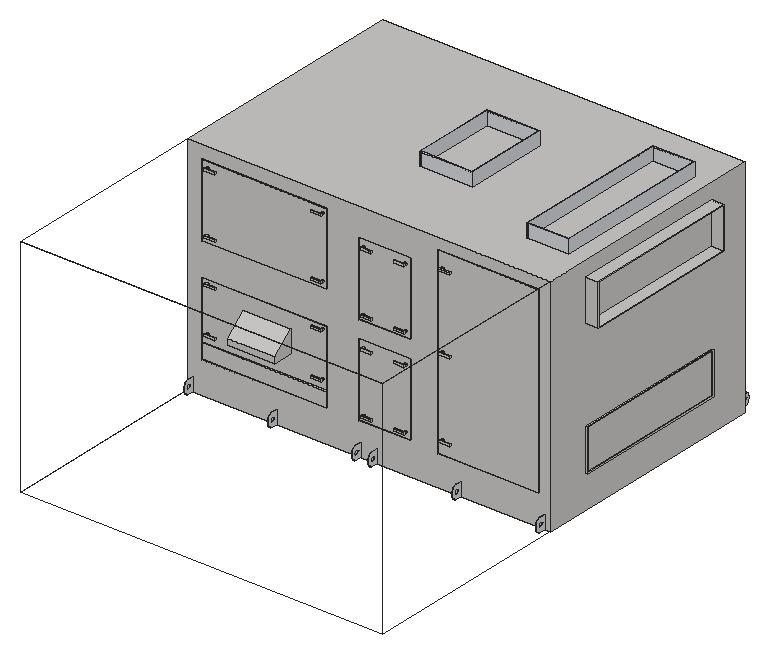
Revit family "DN-5XIN-EH-2FP", category Mechanical Equipment, Revit 2019
Family settings
  Round Connector Dimension = Use Diameter
  Part Type = Normal
  Work Plane-Based = No
  Always vertical = Yes
  Cut with Voids When Loaded = No
  Shared = No
  Room Calculation Point = No
Parameters (values of type "4@2.70 kW 200-240V")
  Voltage = "200-240V"
  Unit Weight (lbs) = "3700-4350 lbs."
  Unit Dimension (L x W x H) = "144-1/4\" x 105-5/8\" x 90-7/8\""
  Unit = Renewaire - Galvanized Steel
  URL = "www.renewaire.com"
  Typical Airflow Range = "1,125-4,950 CFM"
  Standard Features = "EC Motors for both airstreams, Direct drive backward inclined plenum, Higher ESP of up to 3\" w.g. at 4,500 CFM, Integrated programmable controls, True 100% face and bypass enthalpy based modulating economizer, Class 1 low leakage motorized isolation dampers, Stainless steel double-sloped drain pan with cooling option, 1\" Double wall foam injected 20 gauge galvanized panel construction with R6.5 insulation"
  Shipping Dimensions (L x W x H) = "160\" x 101-1/2\" x 96\""
  Service Area Visibility = yes
  Service Area Box = Renewaire - Interference
  Revit Object Download Link = ""
  Phase = "3"
  Options = "Heat pump, Modulating hot gas reheat, Steam or hot water coil, gas heat module or electric heater, Onboard variable frequency drives (VFDs) - both airstreams, Fused disconnect, Spring isolators (VFDs only), 2\" Double wall foam injected 20 gauge galvanized panel construction with R13 insulation, Exterior paint - grey, white, custom color, BACNET factory activation, GFCI convenience outlet, Recirculation damper, Drain overflow switch, Electrofin coating for coils"
  Number Motors = "Qty. 4, Direct drive motorized impeller packages"
  Model = "DN-5XIN-2FP-EH"
  Minimum Circuit Amps = "36.6 A"
  Maximum Overcurrent Protection = "45 A"
  Max. Shipping Weight (lbs) = "3950-4600 lbs."
  Manufacturer = "Renewaire LLC"
  Inlets/Outlets [instance] = "OA & RA Inlets: 60\" x 16\", SA Outlet: 24\" x 16\", EA Outlet: 20\" x 32\""
  Frequency = "50/60 Hz"
  Filters [instance] = "Total qty. 10, MERV 8: 16\" x 20\" x 2\""
  FLA per Motor = "8.6-7.2"
  Energy Recovery Type = "Static plate total energy transfer"
  Description = "Energy Recovery Ventilator"
  Bypass Filters [instance] = "Total qty. 4, MERV 8: 16\" x 20\" x 2\""
  Accessories = "Filters - MERV 13, 2\"  and 4\" (shipped loose), MERV 14, 2\" and 4\" (shipped loose), Additional filters available upon request, Duct mounted electric pre-heater (separately powered), Carbon dioxide sensor/control - wall mount (CO2-W), duct mount (CO2-D), IAQ sensor - wall mount (IAQ-W), duct mount (IAQ-D), Motion occupancy sensor/control - ceiling mount (MC-C), wall mount (MC-W), Smoke detector, Room temperature and humidity sensor, Duct static pressure sensor with display to 10\", without display 0-2\", Room pressure sensor with display to 1\", without display 0-1\", Waterless trap negative pressure, Waterless trap positive pressure, Remote display"
  AHRI 1060 Certified Core = "One L-62-G5 and four L-125-G5"
Types (6): name | Voltage | Minimum Circuit Amps | Maximum Overcurrent Protection | FLA per Motor
  (no name) | "200-240V" | "36.6 A" | "45 A" | "8.6-7.2"
  4@2.70 kW 200-240V | "200-240V" | "36.6 A" | "45 A" | "8.6-7.2"
  4@3.70 kW 380-480V | "380-480 V" | "25.5 A" | "30 A" | "6.0-4.6"
  4@5HP 208-230V | "208-230 V" | "59.1 A" | "70 A" | "13.9-13.4/6.7"
  4@5HP 460V | "460 V" | "28.5 A" | "35 A" | "6.7"
  4@5HP 575V | "575 V" | "22.5 A" | "25 A" | "5.3"
Reference planes (in)
  plane 1 "Center (Front/Back)": y = 0
  plane 2: z = 0
  plane 3 "Center (Left/Right)": x = 0
  plane 4: x = -138.25
Forms (in)
  Extrusion 1, solid, material "Renewaire - Galvanized Steel" <- "Unit"
    sketch origin (0, 0, 0) x (1, 0, 0) y (0, 1, 0)
      loop
        line (-138.25, 46.5) -> (-138.25, -46.38324) -> (0, -46.38324) -> (0, 46.5) -> (-138.25, 46.5)
    from 0 to 85.625
  Extrusion 2, void
    sketch origin (0, 0, 0) x (1, 0, 0) y (0, 0, 1)
      loop
        line (-133.10469, 81.00836) -> (-133.10469, 52.75836) -> (-84.88335, 52.75836) -> (-84.88335, 81.00836) -> (-133.10469, 81.00836)
      loop
        line (-73.14754, 75.07399) -> (-73.14754, 46.824) -> (-53.14754, 46.824) -> (-53.14754, 75.07399) -> (-73.14754, 75.07399)
      loop
        line (-43.1125, 81.57398) -> (-43.1125, 11.57398) -> (-4.11251, 11.57398) -> (-4.11251, 81.57398) -> (-43.1125, 81.57398)
      loop
        line (-73.14754, 40.57399) -> (-73.14754, 12.32399) -> (-53.14754, 12.32399) -> (-53.14754, 40.57399) -> (-73.14754, 40.57399)
      loop
        line (-84.88335, 40.46154) -> (-133.10469, 40.46154) -> (-133.10469, 12.21154) -> (-84.88335, 12.21154) -> (-84.88335, 40.46154)
    from 45.5 to 47.07986
  Extrusion 3, void
    sketch origin (0, 0, 0) x (1, 0, 0) y (0, 1, 0)
      loop
        line (-136.25, 44.61676) -> (-136.25, -44.38324) -> (-2, -44.38324) -> (-2, 44.61676) -> (-136.25, 44.61676)
    from -3 to 5.699
  Extrusion 4, void
    sketch origin (0, 0, 0) x (1, 0, 0) y (0, 1, 0)
      loop
        line (-132.17015, 12.11675) -> (-132.17015, -11.88325) -> (-116.17015, -11.88325) -> (-116.17015, 12.11675) -> (-132.17015, 12.11675)
      loop
        line (-22.1125, 30.11677) -> (-22.1125, -29.88323) -> (-6.1125, -29.88323) -> (-6.1125, 30.11677) -> (-22.1125, 30.11677)
    from 4.75 to 6.699
  Extrusion 5, solid, material "Renewaire - Galvanized Steel" <- "Unit"
    sketch origin (0, 0, 1) x (0, 1, 0) y (0, 0, 1)
      loop
        line (12.11677, 31.05846) -> (-11.88323, 31.05846) -> (-11.88323, 15.05845) -> (12.11677, 15.05845) -> (12.11677, 31.05846)
      loop
        line (11.99177, 30.93346) -> (-11.75823, 30.93346) -> (-11.75823, 15.18345) -> (11.99177, 15.18345) -> (11.99177, 30.93346)
    from -139.25 to -138.25
  Extrusion 6, solid, material "Renewaire - Galvanized Steel" <- "Unit"
    sketch origin (0, 0, 1) x (0, 1, 0) y (0, 0, 1)
      loop
        line (-29.87714, 28.04274) -> (-29.87714, 12.04274) -> (30.12286, 12.04274) -> (30.12286, 28.04274) -> (-29.87714, 28.04274)
      loop
        line (-29.75214, 27.91774) -> (-29.75214, 12.16774) -> (29.99786, 12.16774) -> (29.99786, 27.91774) -> (-29.75214, 27.91774)
    from 0 to 1
  Extrusion 7, solid, material "Renewaire - Galvanized Steel" <- "Unit"
    sketch origin (0, 0, 1.51247) x (0, 1, 0) y (0, 0, 1)
      loop
        line (-29.88324, 78.57708) -> (-29.88324, 62.57708) -> (30.11676, 62.57708) -> (30.11676, 78.57708) -> (-29.88324, 78.57708)
      loop
        line (-29.75824, 78.45208) -> (-29.75824, 62.70208) -> (29.99176, 62.70208) -> (29.99176, 78.45208) -> (-29.75824, 78.45208)
    from 0 to 5
  Extrusion 8, solid, material "Renewaire - Galvanized Steel" <- "Unit"
    sketch origin (0, 0, 1) x (1, 0, 0) y (0, 0, 1)
      loop
        line (-54.12572, 77.83887) -> (-72.14754, 77.83887) -> (-72.14754, 47.80251) -> (-54.12572, 47.80251) -> (-54.12572, 77.83887)
      loop
        line (-54.25072, 77.71387) -> (-72.02254, 77.71387) -> (-72.02254, 47.92751) -> (-54.25072, 47.92751) -> (-54.25072, 77.71387)
    from -51.5 to -46.5
  Extrusion 9, solid, material "Renewaire - Galvanized Steel" <- "Unit"
    sketch origin (0, 0, 0) x (1, 0, 0) y (0, 0, 1)
      loop
        line (-132.75468, 80.60524) -> (-132.75468, 53.00524) -> (-85.20866, 53.00524) -> (-85.20866, 80.60524) -> (-132.75468, 80.60524)
      loop
        line (-132.75468, 40.10344) -> (-132.75468, 18.50344) -> (-85.20866, 18.50344) -> (-85.20866, 40.10344) -> (-132.75468, 40.10344)
      loop
        line (-132.75468, 18.05094) -> (-132.75468, 12.45094) -> (-85.20866, 12.45094) -> (-85.20866, 18.05094) -> (-132.75468, 18.05094)
      loop
        line (-72.89753, 74.82401) -> (-72.89753, 47.22401) -> (-53.29756, 47.22401) -> (-53.29756, 74.82401) -> (-72.89753, 74.82401)
      loop
        line (-72.89754, 40.32401) -> (-72.89754, 12.634) -> (-53.29754, 12.634) -> (-53.29754, 40.32401) -> (-72.89754, 40.32401)
      loop
        line (-42.8625, 11.82398) -> (-4.36251, 11.82398) -> (-4.36251, 81.32398) -> (-42.8625, 81.32398) -> (-42.8625, 11.82398)
    from 45.5 to 46.38324
  Extrusion 10, solid, material "Renewaire - Interference" <- "Service Area Box", visible <- "Service Area Visibility"
    sketch origin (0, 0, 0) x (1, 0, 0) y (0, 1, 0)
      loop
        line (-138.25, -46.38324) -> (-138.25, -126.38324) -> (0, -126.38324) -> (0, -46.38324) -> (-138.25, -46.38324)
    from 0 to 85.625
  Extrusion 11, solid
    sketch origin (-1, 0, 0) x (1, 0, 0) y (0, 1, 0)
      loop
        line (-73.14753, 16.11676) -> (-73.14753, -15.88324) -> (-53.14754, -15.88324) -> (-53.14754, 16.11676) -> (-73.14753, 16.11676)
      loop
        line (-21.11249, 30.11679) -> (-21.11249, -29.88322) -> (-5.11252, -29.88322) -> (-5.11252, 30.11679) -> (-21.11249, 30.11679)
      loop
        line (-5.36252, 29.86679) -> (-20.86249, 29.86679) -> (-20.86249, -29.63322) -> (-5.36252, -29.63322) -> (-5.36252, 29.86679)
      loop
        line (-53.39754, 15.86676) -> (-72.89753, 15.86676) -> (-72.89753, -15.63324) -> (-53.39754, -15.63324) -> (-53.39754, 15.86676)
    from 85.625 to 90.625
  Extrusion 12, solid, material "Renewaire - Galvanized Steel" <- "Unit"
    sketch origin (0, 0, 0) x (0, 1, 0) y (0, 0, 1)
      loop
        circle (-18.32013, 27.20513) r 2.5
      loop
        circle (-18.32013, 27.20513) r 2.25
    from -139.25 to -138.25
  Extrusion 13, solid, material "Renewaire - Galvanized Steel" <- "Unit"
    sketch origin (0, 0, 0) x (0, 1, 0) y (0, 0, 1)
      loop
        line (-46.38324, 34.65488) -> (-54.18346, 28.48487) -> (-54.18346, 26.14738) -> (-46.38324, 26.14738) -> (-46.38324, 34.65488)
    from -99 to -117
Cuts and joins
  Extrusion 2, Extrusion 3, Extrusion 4 cuts Extrusion 1
Dimensions and locks (in)
  aligned and locked: plane 2 to level
Nested families (in)
  nested 1: "Handle" at (-41.11251, -46.38324, 17), type "Handle"
    with Right Handle yes, Left Handle no, Flip no
  nested 2: "Handle" at (-41.11251, -46.38324, 75.67027), type "Handle"
    with Right Handle yes, Left Handle no, Flip no
  nested 3: "Handle" at (-41.11251, -46.38324, 47), type "Handle"
    with Right Handle yes, Left Handle no, Flip no
  nested 4: "Handle" at (-71.07253, -46.38324, 72.37401), type "Handle"
    with Right Handle yes, Left Handle no, Flip no
  nested 5: "Handle" at (-71.07253, -46.38324, 49.274), type "Handle"
    with Right Handle yes, Left Handle no, Flip no
  nested 6: "Handle" at (-55.22256, -46.38324, 72.37401), type "Handle"
    with Right Handle no, Left Handle yes, Flip yes
  nested 7: "Handle" at (-55.22256, -46.38324, 49.274), type "Handle"
    with Right Handle no, Left Handle yes, Flip yes
  nested 8: "Handle" at (-71.07253, -46.38324, 37.87401), type "Handle"
    with Right Handle yes, Left Handle no, Flip no
  nested 9: "Handle" at (-71.07253, -46.38324, 14.77401), type "Handle"
    with Right Handle yes, Left Handle no, Flip no
  nested 10: "Handle" at (-55.22256, -46.38324, 37.87401), type "Handle"
    with Right Handle no, Left Handle yes, Flip yes
  nested 11: "Handle" at (-55.22256, -46.38324, 14.77401), type "Handle"
    with Right Handle no, Left Handle yes, Flip yes
  nested 12: "Handle" at (-130.72967, -46.38324, 78.40525), type "Handle"
    with Right Handle yes, Left Handle no, Flip no
  nested 13: "Handle" at (-130.72967, -46.38324, 55.30524), type "Handle"
    with Right Handle yes, Left Handle no, Flip no
  nested 14: "Handle" at (-86.90833, -46.38324, 78.40525), type "Handle"
    with Right Handle no, Left Handle yes, Flip yes
  nested 15: "Handle" at (-86.90833, -46.38324, 55.30524), type "Handle"
    with Right Handle no, Left Handle yes, Flip yes
  nested 16: "Handle" at (-130.72967, -46.38324, 38.87401), type "Handle"
    with Right Handle yes, Left Handle no, Flip no
  nested 17: "Handle" at (-130.72967, -46.38324, 21.75344), type "Handle"
    with Right Handle yes, Left Handle no, Flip no
  nested 18: "Handle" at (-86.90833, -46.38324, 38.87401), type "Handle"
    with Right Handle no, Left Handle yes, Flip yes
  nested 19: "Handle" at (-86.90833, -46.38324, 21.75344), type "Handle"
    with Right Handle no, Left Handle yes, Flip yes
  nested 20: "Lifting Lug" at (-136.25, 46.5, 0) x (0, 1, 0) z (0, 0, 1), Material <- "Unit", type "Lifting Lug"
    with Material Renewaire - Galvanized Steel
  nested 21: "Lifting Lug" at (-103, 46.5, 0) x (0, 1, 0) z (0, 0, 1), Material <- "Unit", type "Lifting Lug"
    with Material Renewaire - Galvanized Steel
  nested 22: "Lifting Lug" at (-72.25, 46.5, 0) x (0, 1, 0) z (0, 0, 1), Material <- "Unit", type "Lifting Lug"
    with Material Renewaire - Galvanized Steel
  nested 23: "Lifting Lug" at (-2, 46.5, 0) x (0, 1, 0) z (0, 0, 1), Material <- "Unit", type "Lifting Lug"
    with Material Renewaire - Galvanized Steel
  nested 24: "Lifting Lug" at (-35.25, 46.5, 0) x (0, 1, 0) z (0, 0, 1), Material <- "Unit", type "Lifting Lug"
    with Material Renewaire - Galvanized Steel
  nested 25: "Lifting Lug" at (-66, 46.5, 0) x (0, 1, 0) z (0, 0, 1), Material <- "Unit", type "Lifting Lug"
    with Material Renewaire - Galvanized Steel
  nested 26: "Lifting Lug" at (-136.25, -46.5, 0) x (0, -1, 0) z (0, 0, 1), Material <- "Unit", type "Lifting Lug"
    with Material Renewaire - Galvanized Steel
  nested 27: "Lifting Lug" at (-104.25, -46.5, 0) x (0, -1, 0) z (0, 0, 1), Material <- "Unit", type "Lifting Lug"
    with Material Renewaire - Galvanized Steel
  nested 28: "Lifting Lug" at (-72.25, -46.5, 0) x (0, -1, 0) z (0, 0, 1), Material <- "Unit", type "Lifting Lug"
    with Material Renewaire - Galvanized Steel
  nested 29: "Lifting Lug" at (-2, -46.5, 0) x (0, -1, 0) z (0, 0, 1), Material <- "Unit", type "Lifting Lug"
    with Material Renewaire - Galvanized Steel
  nested 30: "Lifting Lug" at (-34, -46.5, 0) x (0, -1, 0) z (0, 0, 1), Material <- "Unit", type "Lifting Lug"
    with Material Renewaire - Galvanized Steel
  nested 31: "Lifting Lug" at (-66, -46.5, 0) x (0, -1, 0) z (0, 0, 1), Material <- "Unit", type "Lifting Lug"
    with Material Renewaire - Galvanized Steel
Connectors (in)
  hvac at (1, 0.12286, 21.04274)
    settings: on Extrusion 6, index 1, duct flow 0 CFM, flow factor 0, pres drop 0.00 in-wg, loss coef 0, conn angle 0.00°, conn width 60", conn height 16", conn diameter 24", duct sys type 2, conn prof type 1, flow config 0, flow direction 1, loss method 0, conn ref index -1, conn util no, is conn primary yes, conn desc "Return Air (RA)"
  hvac at (5, 0.11676, 72.08955)
    settings: on Extrusion 7, index 2, duct flow 0 CFM, flow factor 0, pres drop 0.00 in-wg, loss coef 0, conn angle 0.00°, conn width 60", conn height 16", conn diameter 24", duct sys type 4, conn prof type 1, flow config 0, flow direction 1, loss method 0, conn ref index -1, conn util no, is conn primary no, conn desc "Outside Air (OA)"
  hvac at (-63.13663, 51.5, 63.82069)
    settings: on Extrusion 8, index 5, duct flow 0 CFM, flow factor 0, pres drop 0.00 in-wg, loss coef 0, conn angle 0.00°, conn width 18", conn height 30", conn diameter 24", duct sys type 3, conn prof type 1, flow config 0, flow direction 2, loss method 0, conn ref index -1, conn util no, is conn primary no, conn desc "Exhaust Air (EA)"
  hvac at (-139.25, 0.11677, 24.05845)
    settings: on Extrusion 5, index 6, duct flow 0 CFM, flow factor 0, pres drop 0.00 in-wg, loss coef 0, conn angle 0.00°, conn width 24", conn height 16", conn diameter 24", duct sys type 1, conn prof type 1, flow config 0, flow direction 2, loss method 0, conn ref index -1, conn util no, is conn primary no, conn desc "Supply Air (SA)"
  hvac at (-14.1125, 0.11677, 6.699)
    settings: on cut or joined group of Extrusion 1, Extrusion 2, Extrusion 3, Extrusion 4, index 9, duct flow 0 CFM, flow factor 0, pres drop 0.00 in-wg, loss coef 0, conn angle 0.00°, conn width 60", conn height 16", conn diameter 24", duct sys type 2, conn prof type 1, flow config 0, flow direction 1, loss method 0, conn ref index -1, conn util no, is conn primary no, conn desc "Return Air (RA)"
  hvac at (-124.17015, 0.11675, 6.699)
    settings: on cut or joined group of Extrusion 1, Extrusion 2, Extrusion 3, Extrusion 4, index 10, duct flow 0 CFM, flow factor 0, pres drop 0.00 in-wg, loss coef 0, conn angle 0.00°, conn width 24", conn height 16", conn diameter 24", duct sys type 1, conn prof type 1, flow config 0, flow direction 2, loss method 0, conn ref index -1, conn util no, is conn primary no, conn desc "Supply Air (SA)"
  hvac at (-64.14754, 0.11676, 90.625)
    settings: on Extrusion 11, index 11, duct flow 0 CFM, flow factor 0, pres drop 0.00 in-wg, loss coef 0, conn angle 0.00°, conn width 20", conn height 32", conn diameter 24", duct sys type 3, conn prof type 1, flow config 0, flow direction 2, loss method 0, conn ref index -1, conn util no, is conn primary no, conn desc "Exhaust Air (EA)"
  hvac at (-14.1125, 0.11678, 90.625)
    settings: on Extrusion 11, index 12, duct flow 0 CFM, flow factor 0, pres drop 0.00 in-wg, loss coef 0, conn angle 0.00°, conn width 16", conn height 60", conn diameter 24", duct sys type 4, conn prof type 1, flow config 0, flow direction 1, loss method 0, conn ref index -1, conn util no, is conn primary no, conn desc "Outside Air (OA)"
Definition of nested family "Handle"
  Parameters (values of type "Handle")
    Right Handle [instance] = not(Flip)  # no
    Material = none
    Left Handle [instance] = Flip  # yes
    Flip [instance] = yes
  Reference planes (in)
    plane 1 "Center (Front/Back)": y = 0
    plane 2: z = 0
    plane 3 "Center (Left/Right)": x = 0
  Forms (in)
    Extrusion 1, solid, material <- "Material"
      sketch origin (0, 0, 0) x (1, 0, 0) y (0, 0, 1)
        loop
          circle (0, 0) r 0.375
      from 0 to 0.75
    Extrusion 2, solid, material <- "Material", visible <- "Right Handle"
      sketch origin (0, 0, 0) x (1, 0, 0) y (0, 1, 0)
        loop
          line (-0.375, -0.75) -> (-0.375, -1.25) -> (3.625, -1.25) -> (3.625, -0.75) -> (-0.375, -0.75)
      from -0.375 to 0.375
    Extrusion 3, solid, material <- "Material", visible <- "Left Handle"
      sketch origin (-3.25, 0, 0) x (1, 0, 0) y (0, 1, 0)
        loop
          line (-0.375, -0.75) -> (-0.375, -1.25) -> (3.625, -1.25) -> (3.625, -0.75) -> (-0.375, -0.75)
      from -0.375 to 0.375
  Dimensions and locks (in)
    aligned and locked: plane 2 to level
Definition of nested family "Lifting Lug"
  Parameters (values of type "Lifting Lug")
    Material [instance] = none
  Reference planes (in)
    plane 1 "Center (Front/Back)": y = 0
    plane 2: z = 0
    plane 3 "Center (Left/Right)": x = 0
  Forms (in)
    Extrusion 1, solid
      sketch origin (0, 0, 0) x (1, 0, 0) y (0, 0, 1)
        loop
          line (0, 0.1875) -> (2, 0.1875)
          arc (2, 0.1875) -> (3.41421, 0.77329) -> (4, 2.1875) r 2
          line (4, 2.1875) -> (4, 3.1875)
          arc (4, 3.1875) -> (3.41421, 4.60171) -> (2, 5.1875) r 2
          line (2, 5.1875) -> (0, 5.1875) -> (0, 0.1875)
        loop
          circle (2.125, 2.6875) r 1
      from 0 to 0.25
  Dimensions and locks (in)
    aligned and locked: plane 2 to level
